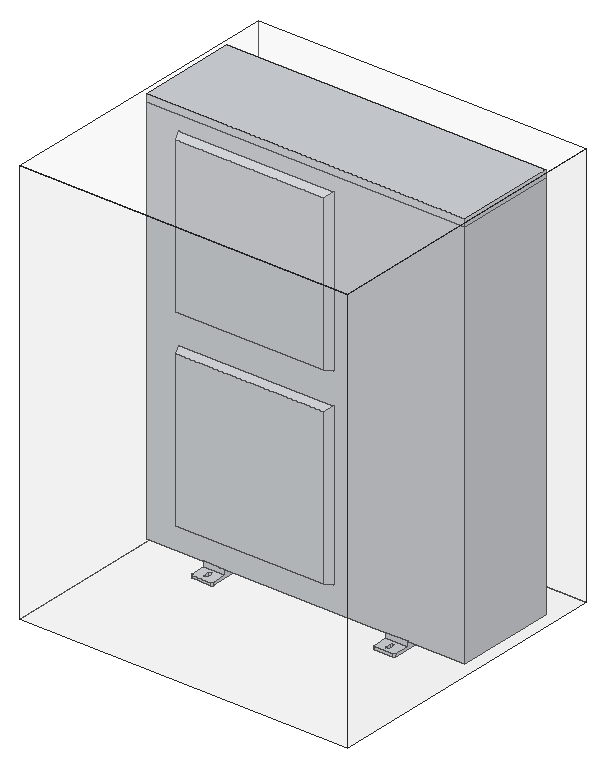
Revit family "puz-zrmp80sha_280ka12_50Hz", category 機械設備, Revit 2019
Family settings
  丸型コネクタ寸法 = 直径を使用
  パーツ タイプ = 標準
  OmniClass 番号 = 23.75.10.24.21.27.27
  OmniClass タイトル = Split System Air Conditioning Units
  作業面ベース = いいえ
  常に垂直 = はい
  ロード時にボイドで切り取り = いいえ
  共有 = いいえ
  部屋計算ポイント = いいえ
Parameters (values of type "PUZ-ZRMP160KA12")
  音響パワーレベル（冷）(dB) = 70
  音響パワーレベル(dB) = 73
  電源種別 = ""
  電源位置Y = 2 mm
  電源位置Z = 1063 mm
  電源位置X = 325 mm
  電圧 = 200 V
  電動機出力_送風機 = 0.12 kW
  電動機出力_圧縮機 = 3.3 kW
  集中コントローラ [instance] = ""
  運転質量 = 0.00 kg
  運転方法 = "冷暖切替"
  質量 = if(製品質量 > 運転質量, 製品質量, 運転質量) * 1.2  # 118.80 kg
  負荷分類 = 1_熱源類
  説明 = "空冷H/P PAC インバータ室外機"
  設計暖房能力 [instance] = 0 kW
  設計冷房能力_顕熱 [instance] = 0 kW
  設計冷房能力 [instance] = 0 kW
  設置方法 = "床置形"
  記号 [instance] = ""
  製造元 = "三菱電機株式会社"
  製品質量 = 99.00 kg
  製品出荷対象 = "国内"
  製品リリース年月 = "2022/10/11"
  製品グループ = ""
  系統 [instance] = ""
  符号 = "PAC"
  積算_科目 = "1 空気調和設備"
  積算_拾い区分 [instance] = ""
  相 = 3
  盤記号 [instance] = ""
  発停方法 = "付属スイッチ"
  特殊仕様 [instance] = ""
  消費電力_暖房 = 3.75 kW
  消費電力_冷房 = 3.85 kW
  消費電力 = if(消費電力_冷房 > 消費電力_暖房, 消費電力_冷房, 消費電力_暖房)  # 3.85 kW
  法定耐用年数 = "6"
  構成品番 = "PUZ-ZRMP160KA"
  極数 = 3
  材質 [instance] = ""
  本体マテリアル = none
  最小電線太さ_mm2 = 1.6
  最大電流値 = 0 A
  暖房能力 = 16 kW
  推奨ブレーカー容量 = 30 A
  据付ピッチ1 = 0 mm
  形式 = "パッケージ形 室外機"
  形名 = PUZ-ZRMP-3 : PUZ-ZRMP112KA11
  幹線記号 [instance] = ""
  始動方式 = "インバータ始動方式"
  呼称 = "パッケージ形空気調和機_室外機"
  周波数 = 50 Hz
  価格 = 1241000
  ドレン　位置Z = 23 mm
  ドレン　位置Y = 176 mm
  ドレン　位置X = 45 mm
  アンカーボルト位置Y = 370 mm
  アンカーボルト位置X = 600 mm
  参照している仕様書等のバージョン = "公共建築物標準仕様書（機械設備工事編）平成31年度版"
  分類コード = "50053003126100"
  分類グループ = ""
  冷房能力 = 14 kW
  冷媒管（ガス）位置X = 483 mm
  冷媒管（液）位置X = 423 mm
  冷媒管（液）位置Y = 290 mm
  冷媒管（ガス）位置Y = 234 mm
  冷媒管長 [instance] = 0 mm
  冷媒管径符号 = "Bd"
  冷媒管径 = 100.00 mm
  冷媒管位置Z = 450 mm
  冷媒管位置Y = (冷媒管（液）位置Y + 冷媒管（ガス）位置Y) / 2  # 262 mm
  冷媒管位置X = (冷媒管（液）位置X + 冷媒管（ガス）位置X) / 2  # 453 mm
  冷媒液管径 = 9.52 mm
  冷媒ガス管径 = 15.88 mm
  企業コード = "108420"
  付属品 [instance] = ""
  仕様書バージョン = "Version1.0"
  ユニット数 = 1
  ユニット3 = yes
  ユニット2 = yes
  Model = ""
  ドレン管径 = 33.00 mm
  サービススペース = yes
  コメント [instance] = ""
  ケーブル種類1 = ""
  Width = 1050 mm
  Version = ""
  Uniclass2015Version = "Systems v1.9"
  Uniclass2015Title = "Split coil remote air cooled condensing units"
  Uniclass2015Code = "Pr_70_65_03_84"
  URL = "https://www.mitsubishielectric.co.jp/ldg/wink/ssl/displayProduct.do?pid=323533"
  SpecificationReference = ""
  SpecificationDescription = ""
  Revision = ""
  ProductInformation = ""
  OmniClassCode = "23-33 17 13 11"
  IfcTypeProduct = ""
  IfcProduct = ""
  IfcExportType = "AIRCONDITIONINGUNIT"
  IfcExportAs = "IfcUnitaryEquipmentType"
  Height = 1338 mm
  Depth = 330 mm
  Clearance Top = 0 mm
  Clearance Right = 15 mm
  Clearance Left = 15 mm
  Clearance Front = 500 mm
  Clearance Bottom = 0 mm
  Clearance Back = 150 mm
  COP = 0
  Author = "三菱電機株式会社"
  APF = 0
Reference planes
  plane 1 "中心(正面/背面)": y = 74
  plane 2: z = 0
  plane 3 "中心(左/右)": x = 830
  plane 4 "右": x = 1355
  plane 5 "左": x = 305
  plane 6 "背面": y = 239
  plane 7 "正面": y = -91
  plane 8 "上部": z = 1338
  plane 9 "Clearanse Top": z = 1338
  plane 10 "SS_back": y = 389
  plane 11 "SS_front": y = -591
  plane 12 "SS_left": x = 290
  plane 13 "SS_right": x = 1370
  plane 14: z = 0
  plane 15: y = -89
  plane 16: x = 1155
  plane 17: z = 1063
  plane 18: y = -87
  plane 19: y = -23
  plane 20: x = 1283
  plane 21: z = 450
  plane 22: z = 452
  plane 23: y = 63
  plane 24: x = 350
  plane 25: z = 25
  plane 26: z = 23
  plane 27: x = 530
  plane 28: x = 1130
  plane 29: y = 259
  plane 30: y = -111
Forms (mm)
  Extrusion 1, solid, detail levels fine
    sketch origin (0, -91, 0) x (1, 0, 0) y (0, 0, 1)
      loop
        circle (1155, 1063) r 13.5
    from -4 to -2
  Extrusion 2, solid, detail levels fine
    sketch origin (-1437.329, -1524, 54) x (-1, 0, 0) y (0, -1, 0)
      loop
        circle (-2720.329, -1501) r 50
    from 396 to 398
  Extrusion 3, solid, detail levels fine
    sketch origin (-1437.329, -1524, 54) x (-1, 0, 0) y (0, -1, 0)
      loop
        circle (-1787.329, -1587) r 16.5
    from -31 to -29
Lines and regions (mm)
  model lines, not visible
    curve 1: line (460, 178.667, 1289.179) -> (460, 297.73, 1289.179)
    curve 2: line (460, 178.667, 1056.056) -> (460, 178.667, 1289.179)
    curve 3: line (460, 297.73, 1056.056) -> (460, 178.667, 1056.056)
    curve 4: line (460, 297.73, 1289.179) -> (460, 297.73, 1056.056)
    curve 5: line (460, 47.598, 1289.179) -> (460, 166.661, 1289.179)
    curve 6: line (460, 47.598, 1056.056) -> (460, 47.598, 1289.179)
    curve 7: line (460, 166.661, 1056.056) -> (460, 47.598, 1056.056)
    curve 8: line (460, 166.661, 1289.179) -> (460, 166.661, 1056.056)
    curve 9: line (460, -83.471, 1289.179) -> (460, 35.592, 1289.179)
    curve 10: line (460, -83.471, 1056.056) -> (460, -83.471, 1289.179)
    curve 11: line (460, 35.592, 1056.056) -> (460, -83.471, 1056.056)
    curve 12: line (460, 35.592, 1289.179) -> (460, 35.592, 1056.056)
    curve 13: line (460, -150.779, 1289.179) -> (460, -95.75, 1289.179)
    curve 14: line (460, -150.779, 1056.056) -> (460, -150.779, 1289.179)
    curve 15: line (460, -95.75, 1056.056) -> (460, -150.779, 1056.056)
    curve 16: line (460, -95.75, 1289.179) -> (460, -95.75, 1056.056)
    curve 17: line (460, -150.779, 1283.175) -> (460, -132.596, 1283.175)
    curve 18: line (460, -150.779, 1062.059) -> (460, -150.779, 1283.175)
    curve 19: line (460, -132.596, 1062.059) -> (460, -150.779, 1062.059)
    curve 20: line (460, -132.596, 1283.175) -> (460, -132.596, 1062.059)
    curve 21: line (460, 178.667, 1046.051) -> (460, 297.73, 1046.051)
    curve 22: line (460, 178.667, 812.928) -> (460, 178.667, 1046.051)
    curve 23: line (460, 297.73, 812.928) -> (460, 178.667, 812.928)
    curve 24: line (460, 297.73, 1046.051) -> (460, 297.73, 812.928)
    curve 25: line (460, 47.598, 1046.051) -> (460, 166.661, 1046.051)
    curve 26: line (460, 47.598, 812.928) -> (460, 47.598, 1046.051)
    curve 27: line (460, 166.661, 812.928) -> (460, 47.598, 812.928)
    curve 28: line (460, 166.661, 1046.051) -> (460, 166.661, 812.928)
    curve 29: line (460, -83.471, 1046.051) -> (460, 35.592, 1046.051)
    curve 30: line (460, -83.471, 812.928) -> (460, -83.471, 1046.051)
    curve 31: line (460, 35.592, 812.928) -> (460, -83.471, 812.928)
    curve 32: line (460, 35.592, 1046.051) -> (460, 35.592, 812.928)
    curve 33: line (460, -150.779, 1046.051) -> (460, -95.75, 1046.051)
    curve 34: line (460, -150.779, 812.928) -> (460, -150.779, 1046.051)
    curve 35: line (460, -95.75, 812.928) -> (460, -150.779, 812.928)
    curve 36: line (460, -95.75, 1046.051) -> (460, -95.75, 812.928)
    curve 37: line (460, -150.779, 1040.048) -> (460, -132.596, 1040.048)
    curve 38: line (460, -150.779, 818.931) -> (460, -150.779, 1040.048)
    curve 39: line (460, -132.596, 818.931) -> (460, -150.779, 818.931)
    curve 40: line (460, -132.596, 1040.048) -> (460, -132.596, 818.931)
    curve 41: line (460, 178.667, 802.923) -> (460, 297.73, 802.923)
    curve 42: line (460, 178.667, 569.8) -> (460, 178.667, 802.923)
    curve 43: line (460, 297.73, 569.8) -> (460, 178.667, 569.8)
    curve 44: line (460, 297.73, 802.923) -> (460, 297.73, 569.8)
    curve 45: line (460, 47.598, 802.923) -> (460, 166.661, 802.923)
    curve 46: line (460, 47.598, 569.8) -> (460, 47.598, 802.923)
    curve 47: line (460, 166.661, 569.8) -> (460, 47.598, 569.8)
    curve 48: line (460, 166.661, 802.923) -> (460, 166.661, 569.8)
    curve 49: line (460, -83.471, 802.923) -> (460, 35.592, 802.923)
    curve 50: line (460, -83.471, 569.8) -> (460, -83.471, 802.923)
    curve 51: line (460, 35.592, 569.8) -> (460, -83.471, 569.8)
    curve 52: line (460, 35.592, 802.923) -> (460, 35.592, 569.8)
    curve 53: line (460, -150.779, 802.923) -> (460, -95.75, 802.923)
    curve 54: line (460, -150.779, 569.8) -> (460, -150.779, 802.923)
    curve 55: line (460, -95.75, 569.8) -> (460, -150.779, 569.8)
    curve 56: line (460, -95.75, 802.923) -> (460, -95.75, 569.8)
    curve 57: line (460, -150.779, 796.92) -> (460, -132.596, 796.92)
    curve 58: line (460, -150.779, 575.803) -> (460, -150.779, 796.92)
    curve 59: line (460, -132.596, 575.803) -> (460, -150.779, 575.803)
    curve 60: line (460, -132.596, 796.92) -> (460, -132.596, 575.803)
    curve 61: line (460, 178.667, 559.795) -> (460, 297.73, 559.795)
    curve 62: line (460, 178.667, 326.672) -> (460, 178.667, 559.795)
    curve 63: line (460, 297.73, 326.672) -> (460, 178.667, 326.672)
    curve 64: line (460, 297.73, 559.795) -> (460, 297.73, 326.672)
    curve 65: line (460, 47.598, 559.795) -> (460, 166.661, 559.795)
    curve 66: line (460, 47.598, 326.672) -> (460, 47.598, 559.795)
    curve 67: line (460, 166.661, 326.672) -> (460, 47.598, 326.672)
    curve 68: line (460, 166.661, 559.795) -> (460, 166.661, 326.672)
    curve 69: line (460, -83.471, 559.795) -> (460, 35.592, 559.795)
    curve 70: line (460, -83.471, 326.672) -> (460, -83.471, 559.795)
    curve 71: line (460, 35.592, 326.672) -> (460, -83.471, 326.672)
    curve 72: line (460, 35.592, 559.795) -> (460, 35.592, 326.672)
    curve 73: line (460, -150.779, 559.795) -> (460, -95.75, 559.795)
    curve 74: line (460, -150.779, 326.672) -> (460, -150.779, 559.795)
    curve 75: line (460, -95.75, 326.672) -> (460, -150.779, 326.672)
    curve 76: line (460, -95.75, 559.795) -> (460, -95.75, 326.672)
    curve 77: line (460, -150.779, 553.792) -> (460, -132.596, 553.792)
    curve 78: line (460, -150.779, 332.675) -> (460, -150.779, 553.792)
    curve 79: line (460, -132.596, 332.675) -> (460, -150.779, 332.675)
    curve 80: line (460, -132.596, 553.792) -> (460, -132.596, 332.675)
    curve 81: line (460, 178.667, 316.667) -> (460, 297.73, 316.667)
    curve 82: line (460, 178.667, 83.544) -> (460, 178.667, 316.667)
    curve 83: line (460, 297.73, 83.544) -> (460, 178.667, 83.544)
    curve 84: line (460, 297.73, 316.667) -> (460, 297.73, 83.544)
    curve 85: line (460, 47.598, 316.667) -> (460, 166.661, 316.667)
    curve 86: line (460, 47.598, 83.544) -> (460, 47.598, 316.667)
    curve 87: line (460, 166.661, 83.544) -> (460, 47.598, 83.544)
    curve 88: line (460, 166.661, 316.667) -> (460, 166.661, 83.544)
    curve 89: line (460, -83.471, 316.667) -> (460, 35.592, 316.667)
    curve 90: line (460, -83.471, 83.544) -> (460, -83.471, 316.667)
    curve 91: line (460, 35.592, 83.544) -> (460, -83.471, 83.544)
    curve 92: line (460, 35.592, 316.667) -> (460, 35.592, 83.544)
    curve 93: line (460, -150.779, 316.667) -> (460, -95.75, 316.667)
    curve 94: line (460, -150.779, 83.544) -> (460, -150.779, 316.667)
    curve 95: line (460, -95.75, 83.544) -> (460, -150.779, 83.544)
    curve 96: line (460, -95.75, 316.667) -> (460, -95.75, 83.544)
    curve 97: line (460, -150.779, 310.664) -> (460, -132.596, 310.664)
    curve 98: line (460, -150.779, 89.547) -> (460, -150.779, 310.664)
    curve 99: line (460, -132.596, 89.547) -> (460, -150.779, 89.547)
    curve 100: line (460, -132.596, 310.664) -> (460, -132.596, 89.547)
Dimensions and locks
  equal spacing: plane 7 "正面", plane 1 "中心(正面/背面)", plane 6 "背面"
  "Depth": plane 7 "正面" to plane 6 "背面"
  "Width": plane 5 "左" to plane 4 "右"
  equal spacing: plane 5 "左", plane 3 "中心(左/右)", plane 4 "右"
  "Clearance Left": plane 12 "SS_left" to plane 5 "左"
  "Clearance Right": plane 4 "右" to plane 13 "SS_right"
  "Clearance Back": plane 6 "背面" to plane 10 "SS_back"
  "Clearance Front": plane 11 "SS_front" to plane 7 "正面"
  "Height": plane 8 "上部" to level
  "Clearance Top": plane 9 "Clearanse Top" to plane 8 "上部"
  "Clearance Bottom": level to plane 14
  "電源位置X": plane 3 "中心(左/右)" to plane 16
  "電源位置Y": plane 7 "正面" to plane 15
  "電源位置Z": plane 17 to level
  locked: plane 15 to plane 18 at 2
  "冷媒管位置X": plane 3 "中心(左/右)" to plane 20
  "冷媒管位置Y": plane 19 to plane 6 "背面"
  "冷媒管位置Z": plane 21 to level
  locked: plane 22 to plane 21 at 2
  "ドレン　位置X": plane 5 "左" to plane 24
  "ドレン　位置Y": plane 23 to plane 6 "背面"
  locked: plane 25 to plane 26 at 2
  "ドレン　位置Z": plane 26 to level
  equal spacing: plane 30, plane 1 "中心(正面/背面)", plane 29
  "アンカーボルト位置Y": plane 30 to plane 29
  equal spacing: plane 27, plane 3 "中心(左/右)", plane 28
  "アンカーボルト位置X": plane 27 to plane 28
  radius of Extrusion 1 sketch curve = 13.5 mm
  "冷媒管径": diameter of Extrusion 2 sketch curve
  "ドレン管径": diameter of Extrusion 3 sketch curve
  aligned and locked: level to plane 2
  aligned and locked: plane 10 "SS_back" to nested 1  (x2)
  aligned and locked: plane 13 "SS_right" to nested 1
  aligned and locked: plane 12 "SS_left" to nested 1  (x2)
  aligned and locked: nested 1 to plane 13 "SS_right"
  aligned and locked: plane 11 "SS_front" to nested 1
  aligned and locked: plane 9 "Clearanse Top" to nested 1
  aligned and locked: plane 1 "中心(正面/背面)" to nested 2
  aligned and locked: plane 3 "中心(左/右)" to nested 2
  aligned and locked: plane 14 to nested 1
  aligned and locked: plane 17 to Extrusion 1 sketch curve
  aligned and locked: plane 16 to Extrusion 1 sketch curve
  aligned and locked: Extrusion 1 to plane 18
  aligned and locked: plane 15 to Extrusion 1
  aligned and locked: plane 19 to Extrusion 2 sketch curve
  aligned and locked: plane 20 to Extrusion 2 sketch curve
  aligned and locked: plane 22 to Extrusion 2
  aligned and locked: Extrusion 2 to plane 21
  aligned and locked: plane 24 to Extrusion 3 sketch curve
  aligned and locked: plane 23 to Extrusion 3 sketch curve
  aligned and locked: plane 25 to Extrusion 3
  aligned and locked: Extrusion 3 to plane 26
  aligned and locked: plane 27 to nested 3
  aligned and locked: plane 29 to nested 3
Nested families
  nested 1: "サービススペース" at (830, -101, 669), visible <- "サービススペース", type "サービススペース"
    with Width 1080 mm, Height 1338 mm, Depth 980 mm
  nested 2: "PUZ-ZRMP-3" at (830, 74, 0), type <- "形名", type "PUZ-ZRMP112KA11"
  nested 3: "固定点" at (530, -111, 0), type "固定点"
    with W 600 mm, D 370 mm
Connectors
  piping at (1283, -23, 450), diameter 100, driven by "冷媒管径", driven by "冷媒管径符号"
    settings: on Extrusion 2, index 1, connector inside diameter 609.60 mm, connector length 0 mm, flow factor 0, pipe flow 0.0 L/s, pressure drop 0.0 Pa, fitting loss kfactor 0, connector angle 0.00°, fixture units 0, engagement length 0 mm, angle of deflection 0.00°, flow configuration 1, flow direction 2, fitting loss method 4, system type 7, joint type 0, gender type 0, connector reference index -1, connector utility 0, adjustable connector no, is connector primary yes, connector description "Bd"
  electrical at (1155, -89, 1063), driven by "極数", driven by "負荷分類", driven by "電圧", driven by "消費電力"
    settings: on Extrusion 1, index 2, voltage 200 V, apparent load 3850 VA, apparent load phase1 0 VA, apparent load phase2 0 VA, apparent load phase3 0 VA, power factor 1, load classification "1_熱源類", number of poles 3, system type 30, power factor state 1, is connector primary yes, connector utility no, sub classification motor no, connector description ""
Definition of nested family "サービススペース"
  Parameters (values of type "サービススペース")
    Width [instance] = 500 mm
    Height [instance] = 500 mm
    Depth [instance] = 500 mm
  Reference planes
    plane 1 "中心(正面/背面)": y = 0
    plane 2: z = 0
    plane 3 "中心(左/右)": x = 0
    plane 4: y = -250
    plane 5: x = 250
    plane 6: y = 250
    plane 7: x = -250
    plane 8: z = 250
    plane 9: z = -250
  Forms (mm)
    Extrusion 1, solid
      sketch origin (-638.939, 0, 72.39) x (1, 0, 0) y (0, 1, 0)
        loop
          line (388.939, 250) -> (388.939, -250) -> (888.939, -250) -> (888.939, 250) -> (388.939, 250)
      from -322.39 to 177.61
  Lines and regions (mm)
    symbolic lines
      curve 1: line (-250, 0, 250) -> (250, 0, 250)
      curve 2: line (-250, 0, -250) -> (-250, 0, 250)
      curve 3: line (250, 0, -250) -> (-250, 0, -250)
      curve 4: line (250, 0, 250) -> (250, 0, -250)
      curve 5: line (0, -250, 250) -> (0, 250, 250)
      curve 6: line (0, -250, -250) -> (0, -250, 250)
      curve 7: line (0, 250, -250) -> (0, -250, -250)
      curve 8: line (0, 250, 250) -> (0, 250, -250)
      curve 9: line (-250, 250, 0) -> (250, 250, 0)
      curve 10: line (-250, -250, 0) -> (-250, 250, 0)
      curve 11: line (250, -250, 0) -> (-250, -250, 0)
      curve 12: line (250, 250, 0) -> (250, -250, 0)
  Dimensions and locks
    equal spacing: plane 7, plane 3 "中心(左/右)", plane 5
    equal spacing: plane 4, plane 1 "中心(正面/背面)", plane 6
    "Depth": plane 4 to plane 6
    "Width": plane 7 to plane 5
    equal spacing: plane 8, plane 2, plane 9
    "Height": plane 8 to plane 9
    aligned and locked: plane 9 to curve 3
    aligned and locked: plane 7 to curve 2
    aligned and locked: curve 4 to plane 5
    aligned and locked: plane 5 to Extrusion 1
    aligned and locked: Extrusion 1 to plane 7
    aligned and locked: Extrusion 1 to plane 9
    aligned and locked: plane 8 to Extrusion 1
    aligned and locked: plane 9 to curve 7
  Automatic sketch dimensions
    plane 4 to Extrusion 1 sketch curve = 0 mm
    Extrusion 1 sketch curve to plane 7 = 0 mm
    Extrusion 1 sketch curve to plane 5 = 0 mm
    plane 6 to Extrusion 1 sketch curve = 0 mm
    curve 2 to plane 8 = 0 mm
    plane 4 to curve 11 = 0 mm
    curve 11 to plane 7 = 0 mm
    curve 11 to plane 5 = 0 mm
    plane 6 to curve 10 = 0 mm
    curve 7 to plane 4 = 0 mm
    curve 7 to plane 6 = 0 mm
    curve 6 to plane 8 = 0 mm
Definition of nested family "PUZ-ZRMP-3"
  Parameters (values of type "PUZ-ZRMP112KA11")
    配線取出口サイズ = 27 mm
    配線取出口-Z = 1063 mm
    配線取出口-Y = 325 mm
    配線取出口-X = 325 mm
    液配管サイズ = 100 mm
    高さ = 1338 mm
    換気-W = 362 mm
    換気-H2 = 632 mm
    換気-H1 = 369 mm
    換気-D = 25 mm
    奥行き = 330 mm
    吊りボルト_H = 0 mm
    吊りボルト-φ = 12 mm
    冷媒配管サイズ = 9.52 mm
    冷媒液管径-Z = 450 mm
    冷媒液管径-Y = 290 mm
    冷媒液管径-X = 423 mm
    冷媒ガス管径-Z = 420 mm
    冷媒ガス管径-Y = 234 mm
    冷媒ガス管径-X = 483 mm
    吊りボルト-W = 600 mm
    マテリアル = none
    ドレン配管サイズ = 33 mm
    ドレン管径-Z = 0 mm
    ドレン管径-Y = 154 mm
    ドレン管径-X = 480 mm
    タイプ3 = yes
    タイプ2 = no
    タイプ1 = no
    ガス配管サイズ = 15.88 mm
    吊りボルト-D = 370 mm
    幅さ = 1050 mm
    a = 幅さ / 2  # 525 mm
  Types (3, lengths in mm): name | 冷媒配管サイズ | 冷媒液管径-Z | 冷媒ガス管径-Z | 冷媒ガス管径-Y | 冷媒ガス管径-X | ガス配管サイズ
    PUZ-ZRMP112KA11 | 9.52 | 450 | 420 | 234 | 483 | 15.88
    PUZ-ZRMP224KA | 19.05 | 450 | 337 | 236 | 479 | 25.4
    PUZ-ZRMP280KA | 19.05 | 424 | 337 | 236 | 479 | 25.4
  Reference planes
    plane 1 "中心(正面/背面)": y = 0
    plane 2: z = 0
    plane 3 "中心(左/右)": x = 0
    plane 4: z = 1338
    plane 5: x = -525
    plane 6: x = 525
    plane 7: y = 165
    plane 8: y = -165
    plane 9: x = 587
    plane 10: y = -105
    plane 11: y = 5
    plane 12: z = 1313
    plane 13: x = -545
    plane 14: x = -300
    plane 15: x = 300
    plane 16: y = 185
    plane 17: y = -185
    plane 18: x = 335
    plane 19: x = 265
    plane 20: x = -265
    plane 21: x = -335
    plane 22: y = 204
    plane 23: y = -218
    plane 24: z = 8.5
    plane 25: z = 25
    plane 26: z = 23
    plane 27: z = 1333
    plane 28: y = -40
    plane 29: y = 40
    plane 30: y = -30
    plane 31: y = 30
    plane 32: z = 1318
    plane 33: z = 55
    plane 34: z = 225
    plane 35: z = 570
    plane 36: x = 535
    plane 37: x = 556
    plane 38: y = -190
    plane 39: x = -163
    plane 40: z = 369
    plane 41: x = 91
    plane 42: x = -417
    plane 43: z = 633
    plane 44: z = 105
    plane 45: x = -407
    plane 46: x = 81
    plane 47: z = 623
    plane 48: z = 115
    plane 49: y = 115
    plane 50: y = -115
    plane 51: x = -480
    plane 52: y = -11
    plane 53: x = 483
    plane 54: x = 325
    plane 55: y = -160
    plane 56: y = -125
    plane 57: y = -69
    plane 58: x = 423
    plane 59: z = 420
    plane 60: z = 450
    plane 61: z = 1063
    plane 62: y = -110
    plane 63: z = 550
    plane 64: z = 550
    plane 65: x = 453
    plane 66: y = -97
    plane 67 "グループ": x = -525
    plane 68: z = 1338
    plane 69: z = 943
    plane 70: z = 1001
    plane 71: z = 1265
    plane 72: z = 737
    plane 73: z = 1255
    plane 74: z = 747
    plane 75: y = 125
    plane 76: x = -370
    plane 77: x = -210
    plane 78: x = -50
    plane 79: x = 110
  Forms (mm)
    Extrusion 1, solid, visible <- "タイプ3", detail levels fine
      sketch origin (-1437.329, -1524, 1338) x (-1, 0, 0) y (0, -1, 0)
        loop
          line (-1102.329, -1689) -> (-1102.329, -1359) -> (-1172.329, -1359) -> (-1172.329, -1689) -> (-1102.329, -1689)
        loop
          line (-1702.329, -1689) -> (-1702.329, -1359) -> (-1772.329, -1359) -> (-1772.329, -1689) -> (-1702.329, -1689)
      from -1338 to -1313
    Extrusion 2, solid, material <- "マテリアル", visible <- "タイプ3", detail levels fine
      sketch origin (-1437.329, -1524, 1338) x (-1, 0, 0) y (0, -1, 0)
        loop
          line (-1962.329, -1689) -> (-912.329, -1689) -> (-912.329, -1359) -> (-1962.329, -1359) -> (-1962.329, -1689)
      from -1313 to -25
    Extrusion 3, solid, material <- "マテリアル", visible <- "タイプ3", detail levels fine
      sketch origin (-1437.329, -1524, 1338) x (-1, 0, 0) y (0, -1, 0)
        loop
          line (-912.329, -1689) -> (-912.329, -1359) -> (-1962.329, -1359) -> (-1962.329, -1689) -> (-912.329, -1689)
      from -25 to 0
    Blend 4, solid, material <- "マテリアル", visible <- "タイプ3", detail levels fine
      base sketch origin (0, 0, 0) x (1, 0, 0) y (0, 0, 1)
        loop
          line (-417, 633) -> (-417, 105) -> (91, 105) -> (91, 633) -> (-417, 633)
      top sketch origin (0, 0, 0) x (1, 0, 0) y (0, 0, 1)
        loop
          line (-407, 623) -> (-407, 115) -> (81, 115) -> (81, 623) -> (-407, 623)
      from 165 to 190
    Extrusion 5, solid, material <- "マテリアル", visible <- "タイプ3", detail levels fine
      sketch origin (-1437.329, -1524, 1338) x (-1, 0, 0) y (0, -1, 0)
        loop
          circle (-1920.329, -1455) r 7.94
      from -918 to -788
    Extrusion 6, solid, material <- "マテリアル", visible <- "タイプ3", detail levels fine
      sketch origin (-1437.329, -1524, 1338) x (-1, 0, 0) y (0, -1, 0)
        loop
          circle (-1860.329, -1399) r 4.76
      from -888 to -788
    Extrusion 7, solid, material <- "マテリアル", visible <- "タイプ3", detail levels fine
      sketch origin (1480.036, -190, 1200) x (1, 0, 0) y (0, 0, 1)
        loop
          circle (-1155.036, -137) r 13.5
      from -80 to -30
    Extrusion 8, solid, material <- "マテリアル", visible <- "タイプ3", detail levels fine
      sketch origin (-1437.329, -1524, 1338) x (-1, 0, 0) y (0, -1, 0)
        loop
          circle (-1890.329, -1427) r 50
      from -888 to -788
    Blend 9, solid, material <- "マテリアル", visible <- "タイプ3", detail levels fine
      base sketch origin (1480.036, -190, 1200) x (1, 0, 0) y (0, 0, 1)
        loop
          line (-1897.036, 65) -> (-1897.036, -463) -> (-1389.036, -463) -> (-1389.036, 65) -> (-1897.036, 65)
      top sketch origin (1480.036, -190, 1200) x (1, 0, 0) y (0, 0, 1)
        loop
          line (-1887.036, 55) -> (-1887.036, -453) -> (-1399.036, -453) -> (-1399.036, 55) -> (-1887.036, 55)
      from -25 to 0
    Extrusion 10, solid, visible <- "タイプ3", detail levels fine
      sketch origin (-1437.329, -1524, 1338) x (-1, 0, 0) y (0, -1, 0)
        loop
          line (-1102.329, -1728) -> (-1102.329, -1689) -> (-1172.329, -1689) -> (-1172.329, -1728) -> (-1143.329, -1728) -> (-1143.329, -1709)
          arc (-1143.329, -1709) -> (-1137.329, -1703) -> (-1131.329, -1709) r 6
          line (-1131.329, -1709) -> (-1131.329, -1728) -> (-1102.329, -1728)
        loop
          line (-1102.329, -1359) -> (-1102.329, -1311)
          arc (-1102.329, -1311) -> (-1103.794, -1307.464) -> (-1107.329, -1306) r 5
          line (-1107.329, -1306) -> (-1167.329, -1306)
          arc (-1167.329, -1306) -> (-1170.865, -1307.464) -> (-1172.329, -1311) r 5
          line (-1172.329, -1311) -> (-1172.329, -1359) -> (-1102.329, -1359)
        loop
          arc (-1143.329, -1339) -> (-1137.329, -1345) -> (-1131.329, -1339) r 6
          line (-1131.329, -1339) -> (-1131.329, -1324)
          arc (-1131.329, -1324) -> (-1137.329, -1318) -> (-1143.329, -1324) r 6
          line (-1143.329, -1324) -> (-1143.329, -1339)
        loop
          line (-1772.329, -1728) -> (-1743.329, -1728) -> (-1743.329, -1709)
          arc (-1743.329, -1709) -> (-1737.329, -1703) -> (-1731.329, -1709) r 6
          line (-1731.329, -1709) -> (-1731.329, -1728) -> (-1702.329, -1728) -> (-1702.329, -1689) -> (-1772.329, -1689) -> (-1772.329, -1728)
        loop
          line (-1772.329, -1359) -> (-1702.329, -1359) -> (-1702.329, -1311)
          arc (-1702.329, -1311) -> (-1703.794, -1307.464) -> (-1707.329, -1306) r 5
          line (-1707.329, -1306) -> (-1767.329, -1306)
          arc (-1767.329, -1306) -> (-1770.865, -1307.464) -> (-1772.329, -1311) r 5
          line (-1772.329, -1311) -> (-1772.329, -1359)
        loop
          line (-1731.329, -1339) -> (-1731.329, -1324)
          arc (-1731.329, -1324) -> (-1737.329, -1318) -> (-1743.329, -1324) r 6
          line (-1743.329, -1324) -> (-1743.329, -1339)
          arc (-1743.329, -1339) -> (-1737.329, -1345) -> (-1731.329, -1339) r 6
      from -1338 to -1329.5
    Extrusion 11, solid, material <- "マテリアル", visible <- "タイプ3", detail levels fine
      sketch origin (-1437.329, -1524, 1338) x (-1, 0, 0) y (0, -1, 0)
        loop
          circle (-957.329, -1513) r 16.5
        loop
          circle (-1067.329, -1649) r 16.5
        loop
          circle (-1227.329, -1649) r 16.5
        loop
          circle (-1387.329, -1649) r 16.5
        loop
          circle (-1547.329, -1649) r 16.5
      from -1315 to -1313
  Cuts and joins
    joined: Extrusion 1, Extrusion 10
  Lines and regions (mm)
    Masking region 1, visible <- "タイプ3", detail levels coarse+medium
      outline origin (-1437.329, -1524, 1338) x (-1, 0, 0) y (0, -1, 0)
        loop
          line (-1962.329, -1689) -> (-1772.329, -1689) -> (-1772.329, -1728) -> (-1702.329, -1728) -> (-1702.329, -1689) -> (-1172.329, -1689) -> (-1172.329, -1728) -> (-1102.329, -1728) -> (-1102.329, -1689) -> (-912.329, -1689) -> (-912.329, -1359) -> (-1020.329, -1359) -> (-1030.329, -1334) -> (-1102.329, -1334) -> (-1102.329, -1306) -> (-1172.329, -1306) -> (-1172.329, -1334) -> (-1518.329, -1334) -> (-1528.329, -1359) -> (-1702.329, -1359) -> (-1702.329, -1306) -> (-1772.329, -1306) -> (-1772.329, -1359) -> (-1962.329, -1359) -> (-1962.329, -1689)
    model lines, visible <- "タイプ3", detail levels fine
      curve 1: line (447, 115, 1338) -> (-445, 115, 1338)
      curve 2: line (-445, -115, 1338) -> (447, -115, 1338)
      curve 3: line (-445, -45, 1338) -> (447, -45, 1338)
      curve 4: line (447, 45, 1338) -> (-445, 45, 1338)
      curve 5: line (-445, -35, 1338) -> (447, -35, 1338)
      curve 6: line (447, 35, 1338) -> (-445, 35, 1338)
      curve 7: line (-445, 115, 1338) -> (-445, 45, 1338)
      curve 8: line (447, -115, 1338) -> (447, -45, 1338)
      curve 9: line (-445, 35, 1338) -> (-445, -35, 1338)
      curve 10: line (-445, -45, 1338) -> (-445, -115, 1338)
      curve 11: line (447, -35, 1338) -> (447, 35, 1338)
      curve 12: line (447, 45, 1338) -> (447, 115, 1338)
      curve 13: line (479, -115, 1338) -> (479, 115, 1338)
      curve 14: line (462, -115, 1338) -> (462, 115, 1338)
      curve 15: line (-475, 115, 1338) -> (-475, -115, 1338)
      curve 16: line (-460, 115, 1338) -> (-460, -115, 1338)
      curve 17: line (-460, 115, 1338) -> (-475, 115, 1338)
      curve 18: line (-460, -115, 1338) -> (-475, -115, 1338)
      curve 19: line (462, 115, 1338) -> (479, 115, 1338)
      curve 20: line (462, -115, 1338) -> (479, -115, 1338)
      curve 21: line (-407, -190, 416.5) -> (81, -190, 416.5)
      curve 22: line (81, -190, 321.5) -> (-407, -190, 321.5)
      curve 23: line (-407, -190, 511.5) -> (81, -190, 511.5)
      curve 24: line (-407, -190, 606.5) -> (81, -190, 606.5)
      curve 25: line (81, -190, 226.5) -> (-407, -190, 226.5)
      curve 26: line (81, -190, 131.5) -> (-407, -190, 131.5)
      curve 27: line (-389.571, -190, 623) -> (-389.571, -190, 115)
      curve 28: line (63.571, -190, 115) -> (63.571, -190, 623)
      curve 29: line (-372.143, -190, 623) -> (-372.143, -190, 115)
      curve 30: line (-354.714, -190, 623) -> (-354.714, -190, 115)
      curve 31: line (-337.286, -190, 623) -> (-337.286, -190, 115)
      curve 32: line (-319.857, -190, 623) -> (-319.857, -190, 115)
      curve 33: line (-302.429, -190, 623) -> (-302.429, -190, 115)
      curve 34: line (-285, -190, 623) -> (-285, -190, 115)
      curve 35: line (-267.571, -190, 623) -> (-267.571, -190, 115)
      curve 36: line (-250.143, -190, 623) -> (-250.143, -190, 115)
      curve 37: line (-232.714, -190, 623) -> (-232.714, -190, 115)
      curve 38: line (-215.286, -190, 623) -> (-215.286, -190, 115)
      curve 39: line (-197.857, -190, 623) -> (-197.857, -190, 115)
      curve 40: line (-180.429, -190, 623) -> (-180.429, -190, 115)
      curve 41: line (-163, -190, 623) -> (-163, -190, 115)
      curve 42: line (-145.571, -190, 623) -> (-145.571, -190, 115)
      curve 43: line (-128.143, -190, 623) -> (-128.143, -190, 115)
      curve 44: line (-110.714, -190, 623) -> (-110.714, -190, 115)
      curve 45: line (-93.286, -190, 623) -> (-93.286, -190, 115)
      curve 46: line (-75.857, -190, 623) -> (-75.857, -190, 115)
      curve 47: line (-58.429, -190, 623) -> (-58.429, -190, 115)
      curve 48: line (-41, -190, 623) -> (-41, -190, 115)
      curve 49: line (-23.571, -190, 623) -> (-23.571, -190, 115)
      curve 50: line (-6.143, -190, 623) -> (-6.143, -190, 115)
      curve 51: line (11.286, -190, 623) -> (11.286, -190, 115)
      curve 52: line (28.714, -190, 623) -> (28.714, -190, 115)
      curve 53: line (46.143, -190, 623) -> (46.143, -190, 115)
      curve 54: line (-525, -100, 87) -> (-525, -60, 87)
      curve 55: line (-525, -100, 277) -> (-525, -100, 87)
      curve 56: line (-525, -60, 277) -> (-525, -100, 277)
      curve 57: line (-525, -60, 87) -> (-525, -60, 277)
      curve 58: line (-525, -100, 292) -> (-525, -60, 292)
      curve 59: line (-525, -100, 482) -> (-525, -100, 292)
      curve 60: line (-525, -60, 482) -> (-525, -100, 482)
      curve 61: line (-525, -60, 292) -> (-525, -60, 482)
      curve 62: line (-525, -100, 497) -> (-525, -60, 497)
      curve 63: line (-525, -100, 687) -> (-525, -100, 497)
      curve 64: line (-525, -60, 687) -> (-525, -100, 687)
      curve 65: line (-525, -60, 497) -> (-525, -60, 687)
      curve 66: line (-525, -100, 702) -> (-525, -60, 702)
      curve 67: line (-525, -100, 892) -> (-525, -100, 702)
      curve 68: line (-525, -60, 892) -> (-525, -100, 892)
      curve 69: line (-525, -60, 702) -> (-525, -60, 892)
      curve 70: line (-525, 60, 87) -> (-525, 100, 87)
      curve 71: line (-525, 60, 277) -> (-525, 60, 87)
      curve 72: line (-525, 100, 277) -> (-525, 60, 277)
      curve 73: line (-525, 100, 87) -> (-525, 100, 277)
      curve 74: line (-525, -46.667, 87) -> (-525, -6.667, 87)
      curve 75: line (-525, -46.667, 277) -> (-525, -46.667, 87)
      curve 76: line (-525, -6.667, 277) -> (-525, -46.667, 277)
      curve 77: line (-525, -6.667, 87) -> (-525, -6.667, 277)
      curve 78: line (-525, 6.667, 87) -> (-525, 46.667, 87)
      curve 79: line (-525, 6.667, 277) -> (-525, 6.667, 87)
      curve 80: line (-525, 46.667, 277) -> (-525, 6.667, 277)
      curve 81: line (-525, 46.667, 87) -> (-525, 46.667, 277)
      curve 82: line (-525, 60, 292) -> (-525, 100, 292)
      curve 83: line (-525, 60, 482) -> (-525, 60, 292)
      curve 84: line (-525, 100, 482) -> (-525, 60, 482)
      curve 85: line (-525, 100, 292) -> (-525, 100, 482)
      curve 86: line (-525, 60, 702) -> (-525, 100, 702)
      curve 87: line (-525, 60, 892) -> (-525, 60, 702)
      curve 88: line (-525, 100, 892) -> (-525, 60, 892)
      curve 89: line (-525, 100, 702) -> (-525, 100, 892)
      curve 90: line (-525, -46.667, 292) -> (-525, -6.667, 292)
      curve 91: line (-525, -46.667, 482) -> (-525, -46.667, 292)
      curve 92: line (-525, -6.667, 482) -> (-525, -46.667, 482)
      curve 93: line (-525, -6.667, 292) -> (-525, -6.667, 482)
      curve 94: line (-525, -46.667, 497) -> (-525, -6.667, 497)
      curve 95: line (-525, -46.667, 687) -> (-525, -46.667, 497)
      curve 96: line (-525, -6.667, 687) -> (-525, -46.667, 687)
      curve 97: line (-525, -6.667, 497) -> (-525, -6.667, 687)
      curve 98: line (-525, -46.667, 702) -> (-525, -6.667, 702)
      curve 99: line (-525, -46.667, 892) -> (-525, -46.667, 702)
      curve 100: line (-525, -6.667, 892) -> (-525, -46.667, 892)
      curve 101: line (-525, -6.667, 702) -> (-525, -6.667, 892)
      curve 102: line (-525, 6.667, 292) -> (-525, 46.667, 292)
      curve 103: line (-525, 6.667, 482) -> (-525, 6.667, 292)
      curve 104: line (-525, 46.667, 482) -> (-525, 6.667, 482)
      curve 105: line (-525, 46.667, 292) -> (-525, 46.667, 482)
      curve 106: line (-525, 6.667, 497) -> (-525, 46.667, 497)
      curve 107: line (-525, 6.667, 687) -> (-525, 6.667, 497)
      curve 108: line (-525, 46.667, 687) -> (-525, 6.667, 687)
      curve 109: line (-525, 46.667, 497) -> (-525, 46.667, 687)
      curve 110: line (-525, 6.667, 702) -> (-525, 46.667, 702)
      curve 111: line (-525, 6.667, 892) -> (-525, 6.667, 702)
      curve 112: line (-525, 46.667, 892) -> (-525, 6.667, 892)
      curve 113: line (-525, 46.667, 702) -> (-525, 46.667, 892)
      curve 114: line (-525, -100, 907) -> (-525, -60, 907)
      curve 115: line (-525, -100, 1097) -> (-525, -100, 907)
      curve 116: line (-525, -60, 1097) -> (-525, -100, 1097)
      curve 117: line (-525, -60, 907) -> (-525, -60, 1097)
      curve 118: line (-525, 60, 907) -> (-525, 100, 907)
      curve 119: line (-525, 60, 1097) -> (-525, 60, 907)
      curve 120: line (-525, 100, 1097) -> (-525, 60, 1097)
      curve 121: line (-525, 100, 907) -> (-525, 100, 1097)
      curve 122: line (-525, -46.667, 907) -> (-525, -6.667, 907)
      curve 123: line (-525, -46.667, 1097) -> (-525, -46.667, 907)
      curve 124: line (-525, -6.667, 1097) -> (-525, -46.667, 1097)
      curve 125: line (-525, -6.667, 907) -> (-525, -6.667, 1097)
      curve 126: line (-525, 6.667, 907) -> (-525, 46.667, 907)
      curve 127: line (-525, 6.667, 1097) -> (-525, 6.667, 907)
      curve 128: line (-525, 46.667, 1097) -> (-525, 6.667, 1097)
      curve 129: line (-525, 46.667, 907) -> (-525, 46.667, 1097)
      curve 130: line (-525, -100, 1112) -> (-525, -60, 1112)
      curve 131: line (-525, -100, 1302) -> (-525, -100, 1112)
      curve 132: line (-525, -60, 1302) -> (-525, -100, 1302)
      curve 133: line (-525, -60, 1112) -> (-525, -60, 1302)
      curve 134: line (-525, 60, 1112) -> (-525, 100, 1112)
      curve 135: line (-525, 60, 1302) -> (-525, 60, 1112)
      curve 136: line (-525, 100, 1302) -> (-525, 60, 1302)
      curve 137: line (-525, 100, 1112) -> (-525, 100, 1302)
      curve 138: line (-525, -46.667, 1112) -> (-525, -6.667, 1112)
      curve 139: line (-525, -46.667, 1302) -> (-525, -46.667, 1112)
      curve 140: line (-525, -6.667, 1302) -> (-525, -46.667, 1302)
      curve 141: line (-525, -6.667, 1112) -> (-525, -6.667, 1302)
      curve 142: line (-525, 6.667, 1112) -> (-525, 46.667, 1112)
      curve 143: line (-525, 6.667, 1302) -> (-525, 6.667, 1112)
      curve 144: line (-525, 46.667, 1302) -> (-525, 6.667, 1302)
      curve 145: line (-525, 46.667, 1112) -> (-525, 46.667, 1302)
      curve 303: line (81, -190, 1238.5) -> (-407, -190, 1238.5)
      curve 304: line (-407, -190, 763.5) -> (81, -190, 763.5)
      curve 305: line (-389.571, -190, 1255) -> (-389.571, -190, 747)
      curve 306: line (81, -190, 858.5) -> (-407, -190, 858.5)
      curve 307: line (81, -190, 1143.5) -> (-407, -190, 1143.5)
      curve 308: line (81, -190, 1048.5) -> (-407, -190, 1048.5)
      curve 309: line (-407, -190, 953.5) -> (81, -190, 953.5)
      curve 310: line (-372.143, -190, 1255) -> (-372.143, -190, 747)
      curve 311: line (-354.714, -190, 1255) -> (-354.714, -190, 747)
      curve 312: line (-337.286, -190, 1255) -> (-337.286, -190, 747)
      curve 313: line (-319.857, -190, 1255) -> (-319.857, -190, 747)
      curve 314: line (-302.429, -190, 1255) -> (-302.429, -190, 747)
      curve 315: line (-285, -190, 1255) -> (-285, -190, 747)
      curve 316: line (-267.571, -190, 1255) -> (-267.571, -190, 747)
      curve 317: line (-250.143, -190, 1255) -> (-250.143, -190, 747)
      curve 318: line (-232.714, -190, 1255) -> (-232.714, -190, 747)
      curve 319: line (-215.286, -190, 1255) -> (-215.286, -190, 747)
      curve 320: line (-197.857, -190, 1255) -> (-197.857, -190, 747)
      curve 321: line (-180.429, -190, 1255) -> (-180.429, -190, 747)
      curve 322: line (-163, -190, 1255) -> (-163, -190, 747)
      curve 323: line (-145.571, -190, 1255) -> (-145.571, -190, 747)
      curve 324: line (-128.143, -190, 1255) -> (-128.143, -190, 747)
      curve 325: line (-110.714, -190, 1255) -> (-110.714, -190, 747)
      curve 326: line (-93.286, -190, 1255) -> (-93.286, -190, 747)
      curve 327: line (-75.857, -190, 1255) -> (-75.857, -190, 747)
      curve 328: line (-58.429, -190, 1255) -> (-58.429, -190, 747)
      curve 329: line (-41, -190, 1255) -> (-41, -190, 747)
      curve 330: line (-23.571, -190, 1255) -> (-23.571, -190, 747)
      curve 331: line (-6.143, -190, 1255) -> (-6.143, -190, 747)
      curve 332: line (11.286, -190, 1255) -> (11.286, -190, 747)
      curve 333: line (28.714, -190, 1255) -> (28.714, -190, 747)
      curve 334: line (46.143, -190, 1255) -> (46.143, -190, 747)
      curve 335: line (63.571, -190, 1255) -> (63.571, -190, 747)
    model lines, visible <- "タイプ3", not visible, detail levels fine
      curve 146: line (-525, -100, 907) -> (-525, -60, 907)
      curve 147: line (-525, -100, 1097) -> (-525, -100, 907)
      curve 148: line (-525, -60, 1097) -> (-525, -100, 1097)
      curve 149: line (-525, -60, 907) -> (-525, -60, 1097)
      curve 150: line (-525, 60, 907) -> (-525, 100, 907)
      curve 151: line (-525, 60, 1097) -> (-525, 60, 907)
      curve 152: line (-525, 100, 1097) -> (-525, 60, 1097)
      curve 153: line (-525, 100, 907) -> (-525, 100, 1097)
      curve 154: line (-525, -46.667, 907) -> (-525, -6.667, 907)
      curve 155: line (-525, -46.667, 1097) -> (-525, -46.667, 907)
      curve 156: line (-525, -6.667, 1097) -> (-525, -46.667, 1097)
      curve 157: line (-525, -6.667, 907) -> (-525, -6.667, 1097)
      curve 158: line (-525, 6.667, 907) -> (-525, 46.667, 907)
      curve 159: line (-525, 6.667, 1097) -> (-525, 6.667, 907)
      curve 160: line (-525, 46.667, 1097) -> (-525, 6.667, 1097)
      curve 161: line (-525, 46.667, 907) -> (-525, 46.667, 1097)
      curve 162: line (-525, -100, 1112) -> (-525, -60, 1112)
      curve 163: line (-525, -100, 1302) -> (-525, -100, 1112)
      curve 164: line (-525, -60, 1302) -> (-525, -100, 1302)
      curve 165: line (-525, -60, 1112) -> (-525, -60, 1302)
      curve 166: line (-525, 60, 1112) -> (-525, 100, 1112)
      curve 167: line (-525, 60, 1302) -> (-525, 60, 1112)
      curve 168: line (-525, 100, 1302) -> (-525, 60, 1302)
      curve 169: line (-525, 100, 1112) -> (-525, 100, 1302)
      curve 170: line (-525, -46.667, 1112) -> (-525, -6.667, 1112)
      curve 171: line (-525, -46.667, 1302) -> (-525, -46.667, 1112)
      curve 172: line (-525, -6.667, 1302) -> (-525, -46.667, 1302)
      curve 173: line (-525, -6.667, 1112) -> (-525, -6.667, 1302)
      curve 174: line (-525, 6.667, 1112) -> (-525, 46.667, 1112)
      curve 175: line (-525, 6.667, 1302) -> (-525, 6.667, 1112)
      curve 176: line (-525, 46.667, 1302) -> (-525, 6.667, 1302)
      curve 177: line (-525, 46.667, 1112) -> (-525, 46.667, 1302)
      curve 194: line (-525, -100, 87) -> (-525, -60, 87)
      curve 195: line (-525, -100, 277) -> (-525, -100, 87)
      curve 196: line (-525, -60, 277) -> (-525, -100, 277)
      curve 197: line (-525, -60, 87) -> (-525, -60, 277)
      curve 198: line (-525, -100, 292) -> (-525, -60, 292)
      curve 199: line (-525, -100, 482) -> (-525, -100, 292)
      curve 200: line (-525, -60, 482) -> (-525, -100, 482)
      curve 201: line (-525, -60, 292) -> (-525, -60, 482)
      curve 202: line (-525, -100, 497) -> (-525, -60, 497)
      curve 203: line (-525, -100, 687) -> (-525, -100, 497)
      curve 204: line (-525, -60, 687) -> (-525, -100, 687)
      curve 205: line (-525, -60, 497) -> (-525, -60, 687)
      curve 206: line (-525, -100, 702) -> (-525, -60, 702)
      curve 207: line (-525, -100, 892) -> (-525, -100, 702)
      curve 208: line (-525, -60, 892) -> (-525, -100, 892)
      curve 209: line (-525, -60, 702) -> (-525, -60, 892)
      curve 210: line (-525, 60, 87) -> (-525, 100, 87)
      curve 211: line (-525, 60, 277) -> (-525, 60, 87)
      curve 212: line (-525, 100, 277) -> (-525, 60, 277)
      curve 213: line (-525, 100, 87) -> (-525, 100, 277)
      curve 214: line (-525, -46.667, 87) -> (-525, -6.667, 87)
      curve 215: line (-525, -46.667, 277) -> (-525, -46.667, 87)
      curve 216: line (-525, -6.667, 277) -> (-525, -46.667, 277)
      curve 217: line (-525, -6.667, 87) -> (-525, -6.667, 277)
      curve 218: line (-525, 6.667, 87) -> (-525, 46.667, 87)
      curve 219: line (-525, 6.667, 277) -> (-525, 6.667, 87)
      curve 220: line (-525, 46.667, 277) -> (-525, 6.667, 277)
      curve 221: line (-525, 46.667, 87) -> (-525, 46.667, 277)
      curve 222: line (-525, 60, 292) -> (-525, 100, 292)
      curve 223: line (-525, 60, 482) -> (-525, 60, 292)
      curve 224: line (-525, 100, 482) -> (-525, 60, 482)
      curve 225: line (-525, 100, 292) -> (-525, 100, 482)
      curve 226: line (-525, 60, 702) -> (-525, 100, 702)
      curve 227: line (-525, 60, 892) -> (-525, 60, 702)
      curve 228: line (-525, 100, 892) -> (-525, 60, 892)
      curve 229: line (-525, 100, 702) -> (-525, 100, 892)
      curve 230: line (-525, -46.667, 292) -> (-525, -6.667, 292)
      curve 231: line (-525, -46.667, 482) -> (-525, -46.667, 292)
      curve 232: line (-525, -6.667, 482) -> (-525, -46.667, 482)
      curve 233: line (-525, -6.667, 292) -> (-525, -6.667, 482)
      curve 234: line (-525, -46.667, 497) -> (-525, -6.667, 497)
      curve 235: line (-525, -46.667, 687) -> (-525, -46.667, 497)
      curve 236: line (-525, -6.667, 687) -> (-525, -46.667, 687)
      curve 237: line (-525, -6.667, 497) -> (-525, -6.667, 687)
      curve 238: line (-525, -46.667, 702) -> (-525, -6.667, 702)
      curve 239: line (-525, -46.667, 892) -> (-525, -46.667, 702)
      curve 240: line (-525, -6.667, 892) -> (-525, -46.667, 892)
      curve 241: line (-525, -6.667, 702) -> (-525, -6.667, 892)
      curve 242: line (-525, 6.667, 292) -> (-525, 46.667, 292)
      curve 243: line (-525, 6.667, 482) -> (-525, 6.667, 292)
      curve 244: line (-525, 46.667, 482) -> (-525, 6.667, 482)
      curve 245: line (-525, 46.667, 292) -> (-525, 46.667, 482)
      curve 246: line (-525, 6.667, 497) -> (-525, 46.667, 497)
      curve 247: line (-525, 6.667, 687) -> (-525, 6.667, 497)
      curve 248: line (-525, 46.667, 687) -> (-525, 6.667, 687)
      curve 249: line (-525, 46.667, 497) -> (-525, 46.667, 687)
      curve 250: line (-525, 6.667, 702) -> (-525, 46.667, 702)
      curve 251: line (-525, 6.667, 892) -> (-525, 6.667, 702)
      curve 252: line (-525, 46.667, 892) -> (-525, 6.667, 892)
      curve 253: line (-525, 46.667, 702) -> (-525, 46.667, 892)
    model lines, visible <- "タイプ2", not visible
      curve 178: line (-600, -100, 33.5) -> (-600, -60, 33.5)
      curve 179: line (-600, -100, 73.5) -> (-600, -100, 33.5)
      curve 180: line (-600, -60, 73.5) -> (-600, -100, 73.5)
      curve 181: line (-600, -60, 33.5) -> (-600, -60, 73.5)
      curve 182: line (-600, 60, 33.5) -> (-600, 100, 33.5)
      curve 183: line (-600, 60, 73.5) -> (-600, 60, 33.5)
      curve 184: line (-600, 100, 73.5) -> (-600, 60, 73.5)
      curve 185: line (-600, 100, 33.5) -> (-600, 100, 73.5)
      curve 186: line (-509, -46.667, 33.5) -> (-509, -6.667, 33.5)
      curve 187: line (-509, -46.667, 73.5) -> (-509, -46.667, 33.5)
      curve 188: line (-509, -6.667, 73.5) -> (-509, -46.667, 73.5)
      curve 189: line (-509, -6.667, 33.5) -> (-509, -6.667, 73.5)
      curve 190: line (-509, 6.667, 33.5) -> (-509, 46.667, 33.5)
      curve 191: line (-509, 6.667, 73.5) -> (-509, 6.667, 33.5)
      curve 192: line (-509, 46.667, 73.5) -> (-509, 6.667, 73.5)
      curve 193: line (-509, 46.667, 33.5) -> (-509, 46.667, 73.5)
      curve 287: line (-404.5, -100, 33.5) -> (-404.5, -60, 33.5)
      curve 288: line (-404.5, -100, 73.5) -> (-404.5, -100, 33.5)
      curve 289: line (-404.5, -60, 73.5) -> (-404.5, -100, 73.5)
      curve 290: line (-404.5, -60, 33.5) -> (-404.5, -60, 73.5)
      curve 291: line (-404.5, 60, 33.5) -> (-404.5, 100, 33.5)
      curve 292: line (-404.5, 60, 73.5) -> (-404.5, 60, 33.5)
      curve 293: line (-404.5, 100, 73.5) -> (-404.5, 60, 73.5)
      curve 294: line (-404.5, 100, 33.5) -> (-404.5, 100, 73.5)
      curve 295: line (-404.5, -46.667, 33.5) -> (-404.5, -6.667, 33.5)
      curve 296: line (-404.5, -46.667, 73.5) -> (-404.5, -46.667, 33.5)
      curve 297: line (-404.5, -6.667, 73.5) -> (-404.5, -46.667, 73.5)
      curve 298: line (-404.5, -6.667, 33.5) -> (-404.5, -6.667, 73.5)
      curve 299: line (-404.5, 6.667, 33.5) -> (-404.5, 46.667, 33.5)
      curve 300: line (-404.5, 6.667, 73.5) -> (-404.5, 6.667, 33.5)
      curve 301: line (-404.5, 46.667, 73.5) -> (-404.5, 6.667, 73.5)
      curve 302: line (-404.5, 46.667, 33.5) -> (-404.5, 46.667, 73.5)
    model lines, not visible
      curve 254: line (-338.5, -173.2, 372.5) -> (149.5, -173.2, 372.5)
      curve 255: line (149.5, -173.2, 277.5) -> (-338.5, -173.2, 277.5)
      curve 256: line (-338.5, -173.2, 467.5) -> (149.5, -173.2, 467.5)
      curve 257: line (-338.5, -173.2, 562.5) -> (149.5, -173.2, 562.5)
      curve 258: line (149.5, -173.2, 182.5) -> (-338.5, -173.2, 182.5)
      curve 259: line (149.5, -173.2, 87.5) -> (-338.5, -173.2, 87.5)
      curve 260: line (-321.071, -173.2, 579) -> (-321.071, -173.2, 71)
      curve 261: line (132.071, -173.2, 71) -> (132.071, -173.2, 579)
      curve 262: line (-303.643, -173.2, 579) -> (-303.643, -173.2, 71)
      curve 263: line (-286.214, -173.2, 579) -> (-286.214, -173.2, 71)
      curve 264: line (-268.786, -173.2, 579) -> (-268.786, -173.2, 71)
      curve 265: line (-251.357, -173.2, 579) -> (-251.357, -173.2, 71)
      curve 266: line (-233.929, -173.2, 579) -> (-233.929, -173.2, 71)
      curve 267: line (-216.5, -173.2, 579) -> (-216.5, -173.2, 71)
      curve 268: line (-199.071, -173.2, 579) -> (-199.071, -173.2, 71)
      curve 269: line (-181.643, -173.2, 579) -> (-181.643, -173.2, 71)
      curve 270: line (-164.214, -173.2, 579) -> (-164.214, -173.2, 71)
      curve 271: line (-146.786, -173.2, 579) -> (-146.786, -173.2, 71)
      curve 272: line (-129.357, -173.2, 579) -> (-129.357, -173.2, 71)
      curve 273: line (-111.929, -173.2, 579) -> (-111.929, -173.2, 71)
      curve 274: line (-94.5, -173.2, 579) -> (-94.5, -173.2, 71)
      curve 275: line (-77.071, -173.2, 579) -> (-77.071, -173.2, 71)
      curve 276: line (-59.643, -173.2, 579) -> (-59.643, -173.2, 71)
      curve 277: line (-42.214, -173.2, 579) -> (-42.214, -173.2, 71)
      curve 278: line (-24.786, -173.2, 579) -> (-24.786, -173.2, 71)
      curve 279: line (-7.357, -173.2, 579) -> (-7.357, -173.2, 71)
      curve 280: line (10.071, -173.2, 579) -> (10.071, -173.2, 71)
      curve 281: line (27.5, -173.2, 579) -> (27.5, -173.2, 71)
      curve 282: line (44.929, -173.2, 579) -> (44.929, -173.2, 71)
      curve 283: line (62.357, -173.2, 579) -> (62.357, -173.2, 71)
      curve 284: line (79.786, -173.2, 579) -> (79.786, -173.2, 71)
      curve 285: line (97.214, -173.2, 579) -> (97.214, -173.2, 71)
      curve 286: line (114.643, -173.2, 579) -> (114.643, -173.2, 71)
    symbolic lines, visible <- "タイプ3"
      curve 336: line (-344.073, 165, 1338) -> (-525, 165, 1338)
      curve 337: line (-525, 165, 1338) -> (-525, -165, 1338)
      curve 338: line (-525, -165, 1338) -> (-323.037, -165, 1338)
      curve 339: line (-417, -165, 1338) -> (-407, -190, 1338)
      curve 340: line (-407, -190, 1338) -> (-357.105, -190, 1338)
      curve 341: line (-335, -190, 1338) -> (-335, -218, 1338)
      curve 342: line (-335, -218, 1338) -> (-265, -218, 1338)
      curve 343: line (-265, -218, 1338) -> (-265, -190, 1338)
      curve 344: line (-357.105, -190, 1338) -> (81, -190, 1338)
      curve 345: line (81, -190, 1338) -> (91, -165, 1338)
      curve 346: line (-323.037, -165, 1338) -> (300.043, -165, 1338)
      curve 347: line (265, -165, 1338) -> (265, -218, 1338)
      curve 348: line (265, -218, 1338) -> (335, -218, 1338)
      curve 349: line (335, -218, 1338) -> (335, -165, 1338)
      curve 350: line (300.043, -165, 1338) -> (525, -165, 1338)
      curve 351: line (525, -165, 1338) -> (525, 165, 1338)
      curve 352: line (525, 165, 1338) -> (363.157, 165, 1338)
      curve 353: line (335, 165, 1338) -> (335, 204, 1338)
      curve 354: line (335, 204, 1338) -> (265, 204, 1338)
      curve 355: line (265, 204, 1338) -> (265, 165, 1338)
      curve 356: line (363.157, 165, 1338) -> (-344.073, 165, 1338)
      curve 357: line (-265, 165, 1338) -> (-265, 204, 1338)
      curve 358: line (-265, 204, 1338) -> (-335, 204, 1338)
      curve 359: line (-335, 204, 1338) -> (-335, 165, 1338)
      curve 360: line (-475, 115, 1338) -> (-460, 115, 1338)
      curve 361: line (-475, -115, 1338) -> (-475, 115, 1338)
      curve 362: line (-460, -115, 1338) -> (-475, -115, 1338)
      curve 363: line (-460, 115, 1338) -> (-460, -115, 1338)
      curve 364: line (-445, 115, 1338) -> (447, 115, 1338)
      curve 365: line (-445, 45, 1338) -> (-445, 115, 1338)
      curve 366: line (447, 45, 1338) -> (-445, 45, 1338)
      curve 367: line (447, 115, 1338) -> (447, 45, 1338)
      curve 368: line (447, 35, 1338) -> (-445, 35, 1338)
      curve 369: line (447, -35, 1338) -> (447, 35, 1338)
      curve 370: line (-445, -35, 1338) -> (447, -35, 1338)
      curve 371: line (-445, 35, 1338) -> (-445, -35, 1338)
      curve 372: line (-445, -45, 1338) -> (447, -45, 1338)
      curve 373: line (-445, -115, 1338) -> (-445, -45, 1338)
      curve 374: line (447, -115, 1338) -> (-445, -115, 1338)
      curve 375: line (447, -45, 1338) -> (447, -115, 1338)
      curve 376: line (462, -115, 1338) -> (479, -115, 1338)
      curve 377: line (462, 115, 1338) -> (462, -115, 1338)
      curve 378: line (479, 115, 1338) -> (462, 115, 1338)
      curve 379: line (479, -115, 1338) -> (479, 115, 1338)
  Dimensions and locks
    equal spacing: plane 8, plane 1 "中心(正面/背面)", plane 7
    "奥行き": plane 8 to plane 7
    equal spacing: plane 5, plane 3 "中心(左/右)", plane 6
    "幅さ": plane 5 to plane 6
    "高さ": plane 4 to level
    locked: plane 6 to plane 9 at 62
    locked: plane 8 to plane 10 at 60
    locked: plane 8 to plane 11 at 170
    locked: plane 4 to plane 12 at 25
    locked: plane 13 to plane 5 at 20
    "吊りボルト-D": plane 17 to plane 16
    equal spacing: plane 17, plane 1 "中心(正面/背面)", plane 16
    equal spacing: plane 14, plane 3 "中心(左/右)", plane 15
    "吊りボルト-W": plane 14 to plane 15
    plane 21 to plane 14 to plane 20 = 35 mm locked, 35 mm locked
    plane 19 to plane 15 to plane 18 = 35 mm locked, 35 mm locked
    locked: plane 16 to plane 22 at 19
    locked: plane 23 to plane 17 at 33
    locked: plane 24 to level at 8.5
    plane 25 to level = 25 mm
    locked: plane 4 to plane 27 at 5
    plane 7 to plane 1 "中心(正面/背面)" to plane 8 = 165 mm, 165 mm
    plane 29 to plane 1 "中心(正面/背面)" to plane 28 = 40 mm, 40 mm
    plane 31 to plane 1 "中心(正面/背面)" to plane 30 = 30 mm, 30 mm
    locked: plane 32 to plane 12 at 5
    locked: plane 33 to level at 55
    locked: plane 34 to level at 225
    equal spacing: plane 6, plane 37, plane 9
    locked: plane 6 to plane 36 at 10
    "換気-D": plane 38 to plane 8
    "換気-W": plane 39 to plane 5
    "換気-H1": plane 40 to level
    plane 41 to plane 39 to plane 42 = 254 mm locked, 254 mm locked
    plane 43 to plane 40 to plane 44 = 264 mm locked, 264 mm locked
    locked: plane 41 to plane 46 at 10
    locked: plane 45 to plane 42 at 10
    locked: plane 43 to plane 47 at 10
    locked: plane 48 to plane 44 at 10
    locked: curve 26 to plane 48 at 16.5
    locked: plane 47 to curve 24 at 16.5
    equal spacing: curve 24, curve 23, curve 21, curve 22, curve 25, curve 26
    equal spacing: plane 46, curve 28, curve 53, curve 52, curve 51, curve 50, curve 49, curve 48, curve 47, curve 46, curve 45, curve 44, curve 43, curve 42, curve 41, curve 40, curve 39, curve 38, curve 37, curve 36, curve 35, curve 34, curve 33, curve 32, curve 31, curve 30, curve 29, curve 27, plane 45
    locked: curve 4 to curve 6 at 10
    locked: curve 3 to curve 5 at 10
    locked: plane 49 to plane 7 at 50
    locked: plane 8 to plane 50 at 50
    "ドレン管径-Y": plane 8 to plane 52
    "配線取出口-Y": plane 55 to plane 7
    "冷媒液管径-Y": plane 56 to plane 7
    "冷媒ガス管径-Y": plane 57 to plane 7
    "配線取出口-X": plane 3 "中心(左/右)" to plane 54
    "冷媒ガス管径-X": plane 3 "中心(左/右)" to plane 53
    "冷媒液管径-X": plane 3 "中心(左/右)" to plane 58
    "冷媒液管径-Z": plane 60 to level
    "冷媒ガス管径-Z": plane 59 to level
    "配線取出口-Z": plane 61 to level
    locked: plane 55 to plane 62 at 50
    plane 63 to plane 59 = 130 mm
    locked: plane 64 to plane 60 at 100
    equal spacing: plane 58, plane 65, plane 53
    equal spacing: plane 56, plane 66, plane 57
    "a": plane 67 "グループ" to plane 3 "中心(左/右)"
    plane 69 to level = 943 mm
    plane 68 to level = 1338 mm
    locked: plane 35 to level at 570
    curve 21 to plane 40 to curve 22 = 47.5 mm locked, 47.5 mm locked
    "換気-H2": plane 70 to plane 40
    plane 71 to plane 70 to plane 72 = 264 mm locked, 264 mm locked
    locked: plane 74 to plane 72 at 10
    locked: plane 71 to plane 73 at 10
    locked: plane 73 to curve 303 at 16.5
    locked: curve 304 to plane 74 at 16.5
    equal spacing: curve 303, curve 307, curve 308, curve 309, curve 306, curve 304
    equal spacing: plane 46, curve 335, curve 334, curve 333, curve 332, curve 331, curve 330, curve 329, curve 328, curve 327, curve 326, curve 325, curve 324, curve 323, curve 322, curve 321, curve 320, curve 319, curve 318, curve 317, curve 316, curve 315, curve 314, curve 313, curve 312, curve 311, curve 310, curve 305, plane 45
    locked: plane 25 to plane 26 at 2
    "ドレン管径-X": plane 51 to plane 3 "中心(左/右)"
    locked: plane 52 to plane 75 at 136
    plane 51 to plane 76 to plane 77 to plane 78 to plane 79 = 110 mm locked, 160 mm locked, 160 mm locked, 160 mm locked
    "ガス配管サイズ": diameter of Extrusion 5 sketch curve
    "冷媒配管サイズ": diameter of Extrusion 6 sketch curve
    "配線取出口サイズ": diameter of Extrusion 7 sketch curve
    "液配管サイズ": diameter of Extrusion 8 sketch curve
    "ドレン配管サイズ": diameter of Extrusion 11 sketch curve  (x5)
    aligned and locked: level to plane 2
    aligned and locked: Extrusion 1 to level
    aligned and locked: plane 25 to Extrusion 1
    aligned and locked: Extrusion 2 sketch curve to plane 7
    aligned and locked: Extrusion 2 sketch curve to plane 8
    aligned and locked: Extrusion 2 sketch curve to plane 5
    aligned and locked: Extrusion 2 sketch curve to plane 6
    aligned and locked: Extrusion 2 to plane 25
    aligned and locked: plane 12 to Extrusion 2
    aligned and locked: Extrusion 3 sketch curve to Extrusion 2  (x4)
    aligned and locked: Extrusion 3 to plane 12
    aligned and locked: plane 4 to Extrusion 3
    aligned and locked: Blend 4 sketch curve to plane 43
    aligned and locked: Blend 4 sketch curve to plane 44
    aligned and locked: Blend 4 sketch curve to plane 42
    aligned and locked: Blend 4 sketch curve to plane 41
    aligned and locked: Blend 4 sketch curve to plane 47
    aligned and locked: Blend 4 sketch curve to plane 45
